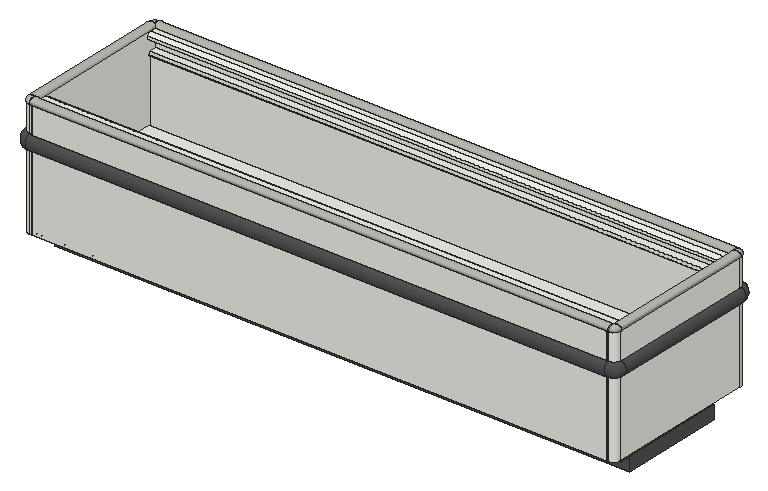
Revit family "FN_2014", category Specialty Equipment, Revit 2014
Parameters (values of type "12'-0" Length")
  Width = 144 1/2"
  Waste Drain = 1 1/4"  # constant formula
  URL = "www.hussmann.com"
  Type Comments = "Excel"  # constant formula
  Trim = Plastic - 144 Mist Gray
  Total Weight = Case Weight + (2 * End Weight)  # 1300.00 lbf
  Splashguard = Textured Sheet Metal (Steel Painted) - 701 Black
  Revit Family Date = "01/26/2016"  # constant formula
  Refrigeration Lines Suction = 5/8"  # constant formula
  Refrigeration Lines Liquid = 3/8"  # constant formula
  Refrig. Suction = "Suction"
  Refrig. Liquid = "Liquid"
  Number of Supports = if(Width < 50", 2, if(Width < 100", 3, 4))  # 4
  Note from Manufacturer = "This model only comes in 4'-0\", 6'-0\", 8'-0\" and 12'-0\" lengths."
  Model URL = "http://www.hussmann.com/en/product%20viewer/display-cases/FN"
  Model = "FN"  # constant formula
  Manufacturer Disclaimer = "The information in this file is not intended to be an exact representation of the corresponding Hussmann product.  Further, we reserve the right to change or revise specifications and product design in connection with any feature of our products. Such changes do not entitle the buyer to corresponding changes, improvements, additions, or replacements for equipment previously sold or shipped."  # constant formula
  Manufacturer = "Hussmann Corporation"  # constant formula
  Height = 35 7/8"  # constant formula
  Ends = Textured Sheet Metal (Steel Painted) - 149 White Satin Matte
  End Weight = 50.00 lbf  # constant formula
  Description = "Narrow Island Merchandiser for Frozen Food/Ice Cream"  # constant formula
  Depth = 43 3/8"  # constant formula
  Cutsheet URL = "http://www.hussmann.com/en/Technical%20Documents/0465898_H_FN_EN.pdf"
  Case Weight = if(Width = 48 1/4", 600.00 lbf, if(Width = 73 3/4", 800.00 lbf, if(Width = 96 3/8", 1000.00 lbf, if(Width = 144 1/2", 1200.00 lbf, 0.00 lbf))))  # 1200.00 lbf
  Case Interior = Sheet Metal (Steel Painted) - 700 Interior White
  Case = Textured Sheet Metal (Steel Painted) - 149 White Satin Matte
  Bumper = Extruded PVC - 701 Black
  Assembly Code = ""
  Accessories/Options = ""
Types (5): name | Width | Total Weight | Number of Supports | Case Weight
  (no name) | 144 1/2" | 1300.00 lbf | 4 | 1200.00 lbf
  12'-0" Length | 144 1/2" | 1300.00 lbf | 4 | 1200.00 lbf
  8'-0" Length | 96 3/8" | 1100.00 lbf | 3 | 1000.00 lbf
  6'-0" Length | 73 3/4" | 900.00 lbf | 3 | 800.00 lbf
  4'-0" Length | 48 1/4" | 700.00 lbf | 2 | 600.00 lbf
Reference planes (in)
  plane 1 "Back": y = 0
  plane 2 "Bottom": z = 0
  plane 3 "Top": z = 35.875
  plane 4 "Left": x = -77.30699
  plane 5 "Front": y = -43.375
  plane 6 "Center (Left/Right)": x = -5.05699
  plane 7: x = -79.30699
  plane 8 "Right": x = 67.19301
  plane 9: x = 69.19301
  plane 10: y = -8.5
  plane 11: y = -34.875
  plane 12: y = -42.0651
  plane 13: y = -1.3099
Forms (in)
  Extrusion 1, solid, material "Metal - Copper"
    sketch origin (63.0625, 1.04319, 0) x (1, 0, 0) y (0, 1, 0)
      loop
        arc (-7.99449, -33.41819) -> (-8.43643, -33.60125) -> (-8.61949, -34.04319) r 0.625
        arc (-8.61949, -34.04319) -> (-8.43643, -34.48513) -> (-7.99449, -34.66819) r 0.625
        arc (-7.99449, -34.66819) -> (-7.55254, -34.48513) -> (-7.36949, -34.04319) r 0.625
        arc (-7.36949, -34.04319) -> (-7.55254, -33.60125) -> (-7.99449, -33.41819) r 0.625
      loop
        circle (-7.99449, -34.04319) r 0.5852
    from 5.625 to 0
  Extrusion 2, solid, material "Metal - Copper"
    sketch origin (57.40105, 5, -0.375) x (1, 0, 0) y (0, 1, 0)
      loop
        circle (1.47946, -32.625) r 0.28859
      loop
        circle (1.47946, -32.625) r 0.3125
    from 6 to 0.375
  Extrusion 3, solid, material "Metal - Copper"
    sketch origin (59.82608, 5, -0.375) x (1, 0, 0) y (0, 1, 0)
      loop
        circle (-0.44557, -32.625) r 0.17188
      loop
        circle (-0.44557, -32.625) r 0.1875
    from 6 to 0.375
  Extrusion 4, solid, material "Metal - Copper"
    sketch origin (-56.6875, 1.04319, 0) x (1, 0, 0) y (0, 1, 0)
      loop
        arc (-8.49449, -33.41819) -> (-8.93643, -33.60125) -> (-9.11949, -34.04319) r 0.625
        arc (-9.11949, -34.04319) -> (-8.93643, -34.48513) -> (-8.49449, -34.66819) r 0.625
        arc (-8.49449, -34.66819) -> (-8.05254, -34.48513) -> (-7.86949, -34.04319) r 0.625
        arc (-7.86949, -34.04319) -> (-8.05254, -33.60125) -> (-8.49449, -33.41819) r 0.625
      loop
        circle (-8.49449, -34.04319) r 0.5852
    from 5.625 to 0
  Extrusion 5, solid, material "Textured Sheet Metal (Steel Painted) - 149 White Satin Matte" <- "Case"
    sketch origin (-5.05699, 0, 0) x (0, 1, 0) y (0, 0, 1)
      loop
        line (-37.99038, 35.11659) -> (-42.0651, 35.11659) -> (-42.0651, 5.625) -> (-41.35255, 5.625) -> (-41.41008, 5.65823)
        arc (-41.41008, 5.65823) -> (-41.52448, 5.80284) -> (-41.50862, 5.98655) r 0.25
        line (-41.50862, 5.98655) -> (-40.35423, 8.29442) -> (-35.29353, 5.625) -> (-8.11242, 5.625) -> (-2.99302, 8.36978) -> (-1.62009, 5.625) -> (-1.3099, 5.625) -> (-1.3099, 35.11659) -> (-5.03754, 35.11659) -> (-5.99504, 34.48691) -> (-5.99504, 33.75648) -> (-3.41125, 33.75648) -> (-3.41125, 30.79949) -> (-5.35837, 30.79949) -> (-5.35837, 29.89608) -> (-5, 29.59898) -> (-5, 13.61303) -> (-31.83687, 13.61303) -> (-31.83687, 10.38481) -> (-35.793, 10.38481) -> (-35.793, 13.61303) -> (-38.375, 13.61303) -> (-38.375, 29.48565) -> (-37.86574, 29.88712) -> (-37.86574, 30.51316) -> (-39.89237, 30.51316) -> (-39.89237, 33.9006) -> (-37.09157, 33.9006) -> (-37.09157, 34.64014) -> (-37.99038, 35.11659)
    from 72.25 to -72.25
  Sweep 6, solid, material "Extruded PVC - 701 Black" <- "Bumper"
    path origin (0, 0, 0) x (1, 0, 0) y (0, 1, 0)
      loop
        arc (-77.68199, -1.3099) -> (-78.83103, -1.78586) -> (-79.30699, -2.9349) r 1.625
        line (-79.30699, -2.9349) -> (-79.30699, -40.4401)
        arc (-79.30699, -40.4401) -> (-78.83103, -41.58914) -> (-77.68199, -42.0651) r 1.625
        line (-77.68199, -42.0651) -> (67.56801, -42.0651)
        arc (67.56801, -42.0651) -> (68.71706, -41.58914) -> (69.19301, -40.4401) r 1.625
        line (69.19301, -40.4401) -> (69.19301, -2.9349)
        arc (69.19301, -2.9349) -> (68.71706, -1.78586) -> (67.56801, -1.3099) r 1.625
        line (67.56801, -1.3099) -> (-77.68199, -1.3099)
    profile origin (-5.05699, -1.3099, 0) x (0, 1, 0) y (0, 0, 1)
      loop
        spline (0, 24.72514) -> (0.32456, 24.7354) -> (0.63438, 24.87745) -> (0.90505, 25.14009) -> (1.11523, 25.50262) -> (1.24834, 25.93647) -> (1.29391, 26.40744) -> (1.24834, 26.87841) -> (1.11523, 27.31225) -> (0.90505, 27.67478) -> (0.63438, 27.93742) -> (0.32456, 28.07947) -> (0, 28.08974)
        line (0, 28.08974) -> (0, 24.72514)
  Extrusion 7, solid, material "Sheet Metal (Steel Painted) - 700 Interior White" <- "Case Interior"
    sketch origin (-5.05699, 0, 0) x (0, 1, 0) y (0, 0, 1)
      loop
        line (-37.83834, 14.20487) -> (-37.83834, 13.61303) -> (-5.56863, 13.61303) -> (-5.56863, 14.20487) -> (-37.83834, 14.20487)
    from 72.25 to -72.25
  Extrusion 8, solid, material "Textured Sheet Metal (Steel Painted) - 701 Black" <- "Splashguard"
    sketch origin (-5.05699, 0, 0) x (0, 1, 0) y (0, 0, 1)
      loop
        line (-41.41008, 5.65823) -> (-37.40341, 3.34382) -> (-37.05828, 3.87855) -> (-36.17821, 3.32657) -> (-35.29353, 3.32657) -> (-35.29353, 5.625) -> (-40.35423, 8.29442) -> (-41.50862, 5.98655)
        arc (-41.50862, 5.98655) -> (-41.52448, 5.80284) -> (-41.41008, 5.65823) r 0.25
    from 72.25 to -72.25
  Sweep 9, solid, material "Textured Sheet Metal (Steel Painted) - 701 Black" <- "Splashguard"
    path origin (0, 0, 0) x (1, 0, 0) y (0, 1, 0)
      loop
        line (-77.30699, -8.5) -> (-77.30699, -34.875) -> (67.19301, -34.875) -> (67.19301, -8.5) -> (-77.30699, -8.5)
    profile origin (-5.05699, -8.5, 0) x (0, 1, 0) y (0, 0, 1)
      loop
        line (-0.53011, 5.625) -> (-0.53011, 0) -> (0, 0) -> (0, 3.27024) -> (-0.24467, 3.54198) -> (-0.24467, 5.625) -> (-0.53011, 5.625)
  Extrusion 10, solid, material "Textured Sheet Metal (Steel Painted) - 149 White Satin Matte" <- "Ends"
    sketch origin (0, 0, 0) x (1, 0, 0) y (0, 1, 0)
      loop
        line (67.19301, -1.3099) -> (67.19301, -42.0651) -> (67.56801, -42.0651)
        arc (67.56801, -42.0651) -> (68.71706, -41.58914) -> (69.19301, -40.4401) r 1.625
        line (69.19301, -40.4401) -> (69.19301, -2.9349)
        arc (69.19301, -2.9349) -> (68.71706, -1.78586) -> (67.56801, -1.3099) r 1.625
        line (67.56801, -1.3099) -> (67.19301, -1.3099)
      loop
        line (-77.30699, -1.3099) -> (-77.68199, -1.3099)
        arc (-77.68199, -1.3099) -> (-78.83103, -1.78586) -> (-79.30699, -2.9349) r 1.625
        line (-79.30699, -2.9349) -> (-79.30699, -40.4401)
        arc (-79.30699, -40.4401) -> (-78.83103, -41.58914) -> (-77.68199, -42.0651) r 1.625
        line (-77.68199, -42.0651) -> (-77.30699, -42.0651) -> (-77.30699, -1.3099)
    from 35.11659 to 5.625
  Sweep 11, solid, material "Plastic - 144 Mist Gray" <- "Trim"
    path origin (0, 0, 0) x (1, 0, 0) y (0, 1, 0)
      loop
        line (67.56801, -1.3099) -> (-77.68199, -1.3099)
    profile origin (-5.05699, -1.3099, 0) x (0, -1, 0) y (0, 0, 1)
      loop
        line (0, 34.73417) -> (0, 35.11659) -> (2.12, 35.11659)
        spline (2.12, 35.11659) -> (2.07443, 35.34414) -> (1.92142, 35.55173) -> (1.67581, 35.71922) -> (1.36139, 35.8304) -> (1.00864, 35.87449) -> (0.65174, 35.84722) -> (0.32528, 35.75122) -> (0.06088, 35.59581) -> (-0.11582, 35.39604) -> (-0.18771, 35.17127) -> (-0.14781, 34.94328) -> (0, 34.73417)
  Sweep 12, solid, material "Plastic - 144 Mist Gray" <- "Trim"
    path origin (0, -43.375, 0) x (1, 0, 0) y (0, -1, 0)
      loop
        line (67.56801, -1.3099) -> (-77.68199, -1.3099)
    profile origin (-5.05699, -42.0651, 0) x (0, -1, 0) y (0, 0, 1)
      loop
        spline (0, 34.73417) -> (0.14781, 34.94328) -> (0.18771, 35.17127) -> (0.11582, 35.39604) -> (-0.06088, 35.59581) -> (-0.32528, 35.75122) -> (-0.65174, 35.84722) -> (-1.00864, 35.87449) -> (-1.36139, 35.8304) -> (-1.67581, 35.71922) -> (-1.92142, 35.55173) -> (-2.07443, 35.34414) -> (-2.12, 35.11659)
        line (-2.12, 35.11659) -> (0, 35.11659) -> (0, 34.73417)
  Sweep 13, solid, material "Plastic - 144 Mist Gray" <- "Trim"
    path origin (78.3795, -39.64331, 0) x (0, 1, 0) y (1, 0, 0)
      loop
        line (36.70841, -9.18649) -> (-0.79678, -9.18649)
    profile origin (69.19301, -21.6875, 0) x (1, 0, 0) y (0, 0, 1)
      loop
        spline (0, 34.73417) -> (0.14781, 34.94328) -> (0.18771, 35.17127) -> (0.11582, 35.39604) -> (-0.06088, 35.59581) -> (-0.32528, 35.75122) -> (-0.65174, 35.84722) -> (-1.00864, 35.87449) -> (-1.36139, 35.8304) -> (-1.67581, 35.71922) -> (-1.92142, 35.55173) -> (-2.07443, 35.34414) -> (-2.12, 35.11659)
        line (-2.12, 35.11659) -> (0, 35.11659) -> (0, 34.73417)
  Sweep 14, solid, material "Plastic - 144 Mist Gray" <- "Trim"
    path origin (-88.49347, -39.64331, 0) x (0, 1, 0) y (-1, 0, 0)
      loop
        line (36.70841, -9.18649) -> (-0.79678, -9.18649)
    profile origin (-79.30699, -21.6875, 0) x (1, 0, 0) y (0, 0, 1)
      loop
        line (0, 34.73417) -> (0, 35.11659) -> (2.12, 35.11659)
        spline (2.12, 35.11659) -> (2.07443, 35.34414) -> (1.92142, 35.55173) -> (1.67581, 35.71922) -> (1.36139, 35.8304) -> (1.00864, 35.87449) -> (0.65174, 35.84722) -> (0.32528, 35.75122) -> (0.06088, 35.59581) -> (-0.11582, 35.39604) -> (-0.18771, 35.17127) -> (-0.14781, 34.94328) -> (0, 34.73417)
  Revolve 15, solid, material "Plastic - 144 Mist Gray" <- "Trim"
    sketch origin (67.56801, -42.0651, 0) x (0, 1, 0) y (0, 0, 1)
      loop
        line (1.625, 35.11659) -> (1.625, 35.74311)
        spline (1.625, 35.74311) -> (1.39165, 35.82305) -> (1.1359, 35.86696) -> (0.87119, 35.87252) -> (0.61147, 35.83944) -> (0.37039, 35.76947) -> (0.16063, 35.66628) -> (-0.00677, 35.53529) -> (-0.12301, 35.38342) -> (-0.18196, 35.21863) -> (-0.18053, 35.04961) -> (-0.11879, 34.88524) -> (0, 34.73417)
        line (0, 34.73417) -> (0, 35.11659) -> (1.625, 35.11659)
      axis (1.625, 35.74311) -> (1.625, 34.73417)
    angle from 0 to 360
  Extrusion 16, void
    sketch origin (0, 8.5, 0) x (1, 0, 0) y (0, 1, 0)
      loop
        line (67.56801, -50.9401) -> (67.56801, -48.9401) -> (69.56801, -48.9401) -> (69.56801, -46.9401) -> (65.56801, -46.9401) -> (65.56801, -50.9401) -> (67.56801, -50.9401)
    from 34.73417 to 35.875
  Revolve 17, solid, material "Plastic - 144 Mist Gray" <- "Trim", not visible
    sketch origin (67.56801, -50.5651, 0) x (0, 1, 0) y (0, 0, 1)
      loop
        line (1.625, 35.11659) -> (1.625, 35.74311)
        spline (1.625, 35.74311) -> (1.39165, 35.82305) -> (1.1359, 35.86696) -> (0.87119, 35.87252) -> (0.61147, 35.83944) -> (0.37039, 35.76947) -> (0.16063, 35.66628) -> (-0.00677, 35.53529) -> (-0.12301, 35.38342) -> (-0.18196, 35.21863) -> (-0.18053, 35.04961) -> (-0.11879, 34.88524) -> (0, 34.73417)
        line (0, 34.73417) -> (0, 35.11659) -> (1.625, 35.11659)
      axis (1.625, 35.74311) -> (1.625, 34.73417)
    angle from 0 to 360
  Extrusion 18, void, not visible
    sketch origin (0, 0, 0) x (1, 0, 0) y (0, 1, 0)
      loop
        line (67.56801, -50.9401) -> (67.56801, -48.9401) -> (69.56801, -48.9401) -> (69.56801, -46.9401) -> (65.56801, -46.9401) -> (65.56801, -50.9401) -> (67.56801, -50.9401)
    from 34.73417 to 35.875
  Revolve 19, solid, material "Plastic - 144 Mist Gray" <- "Trim"
    sketch origin (67.56801, -1.3099, 0) x (0, 1, 0) y (0, 0, 1)
      loop
        spline (0, 34.73417) -> (0.11879, 34.88524) -> (0.18053, 35.04961) -> (0.18196, 35.21863) -> (0.12301, 35.38342) -> (0.00677, 35.53529) -> (-0.16063, 35.66628) -> (-0.37039, 35.76947) -> (-0.61147, 35.83944) -> (-0.87119, 35.87252) -> (-1.1359, 35.86696) -> (-1.39165, 35.82305) -> (-1.625, 35.74311)
        line (-1.625, 35.74311) -> (-1.625, 35.11659) -> (0, 35.11659) -> (0, 34.73417)
      axis (-1.625, 34.73417) -> (-1.625, 35.74311)
    angle from 0 to 360
  Extrusion 20, void
    sketch origin (0, -9, 0) x (1, 0, 0) y (0, 1, 0)
      loop
        line (67.56801, 8.0651) -> (65.56801, 8.0651) -> (65.56801, 4.0651) -> (69.56801, 4.0651) -> (69.56801, 6.0651) -> (67.56801, 6.0651) -> (67.56801, 8.0651)
    from 34.73417 to 35.875
  Revolve 21, solid, material "Plastic - 144 Mist Gray" <- "Trim", not visible
    sketch origin (67.56801, 7.6901, 0) x (0, 1, 0) y (0, 0, 1)
      loop
        spline (0, 34.73417) -> (0.11879, 34.88524) -> (0.18053, 35.04961) -> (0.18196, 35.21863) -> (0.12301, 35.38342) -> (0.00677, 35.53529) -> (-0.16063, 35.66628) -> (-0.37039, 35.76947) -> (-0.61147, 35.83944) -> (-0.87119, 35.87252) -> (-1.1359, 35.86696) -> (-1.39165, 35.82305) -> (-1.625, 35.74311)
        line (-1.625, 35.74311) -> (-1.625, 35.11659) -> (0, 35.11659) -> (0, 34.73417)
      axis (-1.625, 34.73417) -> (-1.625, 35.74311)
    angle from 0 to 360
  Extrusion 22, void, not visible
    sketch origin (0, 0, 0) x (1, 0, 0) y (0, 1, 0)
      loop
        line (67.56801, 8.0651) -> (65.56801, 8.0651) -> (65.56801, 4.0651) -> (69.56801, 4.0651) -> (69.56801, 6.0651) -> (67.56801, 6.0651) -> (67.56801, 8.0651)
    from 34.73417 to 35.875
  Revolve 23, solid, material "Plastic - 144 Mist Gray" <- "Trim"
    sketch origin (-77.68199, -1.3099, 0) x (0, 0, 1) y (0, 1, 0)
      loop
        line (34.73417, 0) -> (35.11659, 0) -> (35.11659, -1.625) -> (35.74311, -1.625)
        spline (35.74311, -1.625) -> (35.82305, -1.39165) -> (35.86696, -1.1359) -> (35.87252, -0.87119) -> (35.83944, -0.61147) -> (35.76947, -0.37039) -> (35.66628, -0.16063) -> (35.53529, 0.00677) -> (35.38342, 0.12301) -> (35.21863, 0.18196) -> (35.04961, 0.18053) -> (34.88524, 0.11879) -> (34.73417, 0)
      axis (34.73417, -1.625) -> (35.74311, -1.625)
    angle from 0 to 360
  Revolve 24, solid, material "Plastic - 144 Mist Gray" <- "Trim"
    sketch origin (-77.68199, -42.0651, 0) x (0, 0, 1) y (0, 1, 0)
      loop
        spline (34.73417, 0) -> (34.88524, -0.11879) -> (35.04961, -0.18053) -> (35.21863, -0.18196) -> (35.38342, -0.12301) -> (35.53529, -0.00677) -> (35.66628, 0.16063) -> (35.76947, 0.37039) -> (35.83944, 0.61147) -> (35.87252, 0.87119) -> (35.86696, 1.1359) -> (35.82305, 1.39165) -> (35.74311, 1.625)
        line (35.74311, 1.625) -> (35.11659, 1.625) -> (35.11659, 0) -> (34.73417, 0)
      axis (34.73417, 1.625) -> (35.74311, 1.625)
    angle from 0 to 360
  Extrusion 25, void
    sketch origin (0, -7.25, 0) x (1, 0, 0) y (0, 1, 0)
      loop
        line (-77.68199, 6.3151) -> (-77.68199, 4.3151) -> (-79.68199, 4.3151) -> (-79.68199, 2.3151) -> (-75.68199, 2.3151) -> (-75.68199, 6.3151) -> (-77.68199, 6.3151)
    from 34.73417 to 35.875
  Revolve 26, solid, material "Plastic - 144 Mist Gray" <- "Trim", not visible
    sketch origin (-77.68199, 5.9401, 0) x (0, 0, 1) y (0, 1, 0)
      loop
        line (34.73417, 0) -> (35.11659, 0) -> (35.11659, -1.625) -> (35.74311, -1.625)
        spline (35.74311, -1.625) -> (35.82305, -1.39165) -> (35.86696, -1.1359) -> (35.87252, -0.87119) -> (35.83944, -0.61147) -> (35.76947, -0.37039) -> (35.66628, -0.16063) -> (35.53529, 0.00677) -> (35.38342, 0.12301) -> (35.21863, 0.18196) -> (35.04961, 0.18053) -> (34.88524, 0.11879) -> (34.73417, 0)
      axis (34.73417, -1.625) -> (35.74311, -1.625)
    angle from 0 to 360
  Extrusion 27, void, not visible
    sketch origin (0, 0, 0) x (1, 0, 0) y (0, 1, 0)
      loop
        line (-77.68199, 6.3151) -> (-77.68199, 4.3151) -> (-79.68199, 4.3151) -> (-79.68199, 2.3151) -> (-75.68199, 2.3151) -> (-75.68199, 6.3151) -> (-77.68199, 6.3151)
    from 34.73417 to 35.875
  Extrusion 28, void
    sketch origin (0, 12, 0) x (1, 0, 0) y (0, 1, 0)
      loop
        line (-77.68199, -54.4401) -> (-75.68199, -54.4401) -> (-75.68199, -50.4401) -> (-79.68199, -50.4401) -> (-79.68199, -52.4401) -> (-77.68199, -52.4401) -> (-77.68199, -54.4401)
    from 34.73417 to 35.875
  Revolve 29, solid, material "Plastic - 144 Mist Gray" <- "Trim", not visible
    sketch origin (-77.68199, -54.0651, 0) x (0, 0, 1) y (0, 1, 0)
      loop
        spline (34.73417, 0) -> (34.88524, -0.11879) -> (35.04961, -0.18053) -> (35.21863, -0.18196) -> (35.38342, -0.12301) -> (35.53529, -0.00677) -> (35.66628, 0.16063) -> (35.76947, 0.37039) -> (35.83944, 0.61147) -> (35.87252, 0.87119) -> (35.86696, 1.1359) -> (35.82305, 1.39165) -> (35.74311, 1.625)
        line (35.74311, 1.625) -> (35.11659, 1.625) -> (35.11659, 0) -> (34.73417, 0)
      axis (34.73417, 1.625) -> (35.74311, 1.625)
    angle from 0 to 360
  Extrusion 30, void, not visible
    sketch origin (0, 0, 0) x (1, 0, 0) y (0, 1, 0)
      loop
        line (-77.68199, -54.4401) -> (-75.68199, -54.4401) -> (-75.68199, -50.4401) -> (-79.68199, -50.4401) -> (-79.68199, -52.4401) -> (-77.68199, -52.4401) -> (-77.68199, -54.4401)
    from 34.73417 to 35.875
Cuts and joins
  joined: Sweep 11, Sweep 12, Sweep 13, Sweep 14
  Extrusion 16 cuts Revolve 15
  Extrusion 20 cuts Revolve 19
  Extrusion 25 cuts Revolve 23
  Extrusion 28 cuts Revolve 24
Lines and regions (in)
  reference lines
    curve 1: line (-74.55699, -43.375, 0) -> (-74.55699, 0, 0)
    curve 2: line (-65.18199, -43.375, 0) -> (-65.18199, 0, 0)
    curve 3: line (55.06801, -43.375, 0) -> (55.06801, 0, 0)
    curve 4: line (64.44301, -43.375, 0) -> (64.44301, 0, 0)
    curve 5: line (59.19301, -43.375, 0) -> (59.19301, 0, 0)
    curve 6: line (-77.30699, -33, 0) -> (67.19301, -33, 0)
    curve 7: line (67.19301, -27.625, 0) -> (-77.30699, -27.625, 0)
Dimensions and locks (in)
  equal spacing: plane 4 "Left", plane 6 "Center (Left/Right)", plane 8 "Right"
  locked: plane 7 to plane 4 "Left" at 2
  "Width": plane 4 "Left" to plane 8 "Right"
  locked: plane 4 "Left" to curve 1 at 2.75
  locked: plane 4 "Left" to curve 2 at 12.125
  locked: curve 4 to plane 8 "Right" at 2.75
  locked: curve 3 to plane 8 "Right" at 12.125
  "Depth": plane 5 "Front" to plane 1 "Back"
  locked: curve 5 to plane 8 "Right" at 8
  "Height": plane 3 "Top" to level
  locked: plane 1 "Back" to curve 6 at 33
  locked: plane 1 "Back" to curve 7 at 27.625
  locked: plane 8 "Right" to plane 9 at 2
  locked: Extrusion 4 sketch curve to Extrusion 4 sketch curve at 0.0398
  locked: Extrusion 1 sketch curve to Extrusion 1 sketch curve at 0.0398
  locked: Extrusion 3 sketch curve to Extrusion 3 sketch curve at 0.01562
  locked: Extrusion 2 sketch curve to Extrusion 2 sketch curve at 0.02391
  locked: plane 11 to plane 5 "Front" at 8.5
  locked: plane 10 to plane 1 "Back" at 8.5
  locked: plane 8 "Right" to Sweep 11 sketch curve at 0.375
  locked: Sweep 11 sketch curve to plane 4 "Left" at 0.375
  locked: Sweep 12 sketch curve to plane 4 "Left" at 0.375
  locked: plane 8 "Right" to Sweep 12 sketch curve at 0.375
  locked: Sweep 14 sketch curve to plane 13 at 1.625
  locked: Sweep 14 sketch curve to plane 12 at 1.625
  locked: Sweep 13 sketch curve to plane 13 at 1.625
  locked: Sweep 13 sketch curve to plane 12 at 1.625
  locked: Extrusion 16 sketch curve to Extrusion 16 sketch curve at 2  (x2)
  locked: Extrusion 18 sketch curve to Extrusion 18 sketch curve at 2  (x2)
  locked: Extrusion 20 sketch curve to Extrusion 20 sketch curve at 2
  Extrusion 20 sketch curve to Extrusion 20 sketch curve = 2"
  locked: Extrusion 22 sketch curve to Extrusion 22 sketch curve at 2
  Extrusion 22 sketch curve to Extrusion 22 sketch curve = 2"
  locked: Extrusion 25 sketch curve to Extrusion 25 sketch curve at 2
  Extrusion 25 sketch curve to Extrusion 25 sketch curve = 2"
  locked: Extrusion 27 sketch curve to Extrusion 27 sketch curve at 2
  Extrusion 27 sketch curve to Extrusion 27 sketch curve = 2"
  locked: Extrusion 28 sketch curve to Extrusion 28 sketch curve at 2  (x2)
  locked: Extrusion 30 sketch curve to Extrusion 30 sketch curve at 2  (x2)
  equal spacing: plane 5 "Front", nested 1, plane 1 "Back"
  equal spacing: group 9, group 11, group 12, group 10  (x3)
  "Waste Drain": diameter of Extrusion 4 sketch curve
  "Waste Drain": diameter of Extrusion 1 sketch curve
  "Refrigeration Lines Liquid": diameter of Extrusion 3 sketch curve
  "Refrigeration Lines Suction": diameter of Extrusion 2 sketch curve
  aligned and locked: plane 5 "Front" to curve 3
  aligned and locked: plane 5 "Front" to curve 4
  aligned and locked: plane 5 "Front" to curve 2
  aligned and locked: plane 5 "Front" to curve 1
  aligned and locked: plane 4 "Left" to curve 6
  aligned and locked: plane 4 "Left" to curve 7
  aligned and locked: plane 8 "Right" to curve 7
  aligned and locked: plane 8 "Right" to curve 6
  aligned and locked: Extrusion 2 to level
  aligned and locked: Extrusion 3 to level
  aligned and locked: curve 7 to Extrusion 3 sketch curve  (x4)
  aligned and locked: curve 7 to Extrusion 2 sketch curve  (x4)
  aligned and locked: curve 6 to Extrusion 1 sketch curve  (x3)
  aligned and locked: curve 6 to Extrusion 4 sketch curve
  aligned and locked: curve 2 to Extrusion 4 sketch curve
  aligned and locked: curve 3 to Extrusion 1 sketch curve
  aligned and locked: curve 5 to Extrusion 3 sketch curve
  aligned and locked: curve 5 to Extrusion 2 sketch curve
  aligned and locked: Extrusion 4 to level
  aligned and locked: Extrusion 2 to Extrusion 1
  aligned and locked: Extrusion 4 to Extrusion 1
  aligned and locked: Extrusion 5 to plane 4 "Left"
  aligned and locked: plane 8 "Right" to Extrusion 5
  aligned and locked: plane 13 to Sweep 6 sketch curve
  aligned and locked: Sweep 6 sketch curve to plane 7
  aligned and locked: plane 12 to Sweep 6 sketch curve
  aligned and locked: Sweep 6 sketch curve to plane 9
  aligned and locked: Extrusion 7 to plane 4 "Left"
  aligned and locked: plane 8 "Right" to Extrusion 7
  aligned and locked: Extrusion 8 to plane 4 "Left"
  aligned and locked: plane 8 "Right" to Extrusion 8
  aligned and locked: Extrusion 3 to Extrusion 1
  aligned and locked: plane 10 to Sweep 9 sketch curve
  aligned and locked: plane 4 "Left" to Sweep 9 sketch curve
  aligned and locked: plane 11 to Sweep 9 sketch curve
  aligned and locked: Sweep 9 sketch curve to plane 8 "Right"
  aligned and locked: Extrusion 10 sketch curve to plane 4 "Left"
  aligned and locked: Extrusion 10 sketch curve to plane 8 "Right"
  aligned and locked: Extrusion 10 to Extrusion 5  (x3)
  aligned and locked: Sweep 11 sketch curve to plane 13
  aligned and locked: plane 13 to Sweep 11 sketch curve
  aligned and locked: Sweep 11 sketch curve to Extrusion 10
  aligned and locked: plane 12 to Sweep 12 sketch curve
  aligned and locked: Extrusion 10 sketch curve to Sweep 6  (x3)
  aligned and locked: plane 12 to Extrusion 10 sketch curve
  aligned and locked: Sweep 13 sketch curve to plane 9
  aligned and locked: plane 7 to Sweep 14 sketch curve
  aligned and locked: Extrusion 1 to Extrusion 5
  aligned and locked: cut or joined group of Revolve 15, Extrusion 16 to cut or joined group of Sweep 11, Sweep 12, Sweep 13, Sweep 14
  aligned and locked: Extrusion 16 to cut or joined group of Sweep 11, Sweep 12, Sweep 13, Sweep 14  (x2)
  aligned and locked: Extrusion 20 to cut or joined group of Sweep 11, Sweep 12, Sweep 13, Sweep 14  (x3)
  aligned and locked: Extrusion 20 to plane 3 "Top"
  aligned and locked: cut or joined group of Revolve 19, Extrusion 20 to cut or joined group of Sweep 11, Sweep 12, Sweep 13, Sweep 14
  aligned and locked: cut or joined group of Sweep 11, Sweep 12, Sweep 13, Sweep 14 to Extrusion 25
  aligned and locked: Extrusion 25 to plane 3 "Top"
  aligned and locked: cut or joined group of Revolve 23, Extrusion 25 to cut or joined group of Sweep 11, Sweep 12, Sweep 13, Sweep 14
  aligned and locked: Extrusion 25 to cut or joined group of Sweep 11, Sweep 12, Sweep 13, Sweep 14  (x2)
  aligned and locked: Extrusion 28 to cut or joined group of Sweep 11, Sweep 12, Sweep 13, Sweep 14  (x3)
  aligned and locked: Extrusion 28 to plane 3 "Top"
  aligned and locked: cut or joined group of Sweep 11, Sweep 12, Sweep 13, Sweep 14 to cut or joined group of Revolve 24, Extrusion 28
  aligned and locked: curve 1 to nested 1
  aligned and locked: curve 4 to nested 2
  aligned and locked: nested 1 to nested 2
Automatic sketch dimensions
  Revolve 15 sketch curve to Revolve 15 sketch curve = 1 5/8"
  Revolve 15 sketch curve to Revolve 15 sketch curve = 0.38242"  (x2)
  Revolve 15 sketch curve to Revolve 15 sketch curve = 0"
  Revolve 15 sketch curve to Revolve 15 sketch curve = 0.13189"
  Extrusion 16 sketch curve to Extrusion 16 sketch curve = 2"  (x2)
  Revolve 15 sketch curve to Revolve 15 sketch curve = 0.62652"
  Revolve 15 sketch curve to Revolve 15 sketch curve = 0.18888"
  Revolve 15 sketch curve to Revolve 15 sketch curve = 0.65919"
  Revolve 17 sketch curve to Revolve 17 sketch curve = 1 5/8"
  Revolve 17 sketch curve to Revolve 17 sketch curve = 0.38242"  (x2)
  Revolve 17 sketch curve to Revolve 17 sketch curve = 0"
  Revolve 17 sketch curve to Revolve 17 sketch curve = 0.13189"
  Extrusion 18 sketch curve to Extrusion 18 sketch curve = 2"  (x2)
  Revolve 17 sketch curve to Revolve 17 sketch curve = 0.62652"
  Revolve 17 sketch curve to Revolve 17 sketch curve = 0.18888"
  Revolve 17 sketch curve to Revolve 17 sketch curve = 0.65919"
  Revolve 19 sketch curve to Revolve 19 sketch curve = 1 5/8"
  Revolve 19 sketch curve to Revolve 19 sketch curve = 0.38242"  (x2)
  Revolve 19 sketch curve to Revolve 19 sketch curve = 0.65919"
  Revolve 19 sketch curve to Revolve 19 sketch curve = 0"
  Revolve 19 sketch curve to Revolve 19 sketch curve = 0.13189"
  Extrusion 20 sketch curve to Extrusion 20 sketch curve = 2"  (x2)
  Revolve 19 sketch curve to Revolve 19 sketch curve = 0.62652"
  Revolve 19 sketch curve to Revolve 19 sketch curve = 0.18888"
  Revolve 21 sketch curve to Revolve 21 sketch curve = 1 5/8"
  Revolve 21 sketch curve to Revolve 21 sketch curve = 0.38242"  (x2)
  Revolve 21 sketch curve to Revolve 21 sketch curve = 0.65919"
  Revolve 21 sketch curve to Revolve 21 sketch curve = 0"
  Revolve 21 sketch curve to Revolve 21 sketch curve = 0.13189"
  Extrusion 22 sketch curve to Extrusion 22 sketch curve = 2"  (x2)
  Revolve 21 sketch curve to Revolve 21 sketch curve = 0.62652"
  Revolve 21 sketch curve to Revolve 21 sketch curve = 0.18888"
  curve 5 to plane 5 "Front" = 0"
  plane 1 "Back" to curve 3 = 0"
  plane 1 "Back" to curve 2 = 0"
  plane 1 "Back" to curve 1 = 0"
  plane 1 "Back" to curve 4 = 0"
  plane 1 "Back" to curve 5 = 0"
  Extrusion 5 sketch curve to plane 12 = 0"
  Extrusion 5 sketch curve to plane 13 = 0"
  plane 12 to Extrusion 5 sketch curve = 0.55647"
  Extrusion 5 sketch curve to Extrusion 5 sketch curve = 0.09854"
  Extrusion 5 sketch curve to Extrusion 5 sketch curve = 0.05753"
  Extrusion 5 sketch curve to Extrusion 5 sketch curve = 0.12505"
  plane 12 to Extrusion 5 sketch curve = 1.71086"
  plane 12 to Extrusion 5 sketch curve = 2.17272"
  Extrusion 5 sketch curve to Extrusion 5 sketch curve = 1.51737"
  plane 3 "Top" to Extrusion 5 sketch curve = 0.75841"  (x2)
  Extrusion 5 sketch curve to Extrusion 5 sketch curve = 1.90199"
  Extrusion 5 sketch curve to Extrusion 5 sketch curve = 0.50926"
  Extrusion 5 sketch curve to Extrusion 5 sketch curve = 0.89881"
  Extrusion 5 sketch curve to plane 11 = 0.918"
  Extrusion 5 sketch curve to plane 11 = 0.41853"
  plane 11 to Extrusion 5 sketch curve = 3.03813"
  Extrusion 5 sketch curve to plane 10 = 0.38758"
  Extrusion 5 sketch curve to plane 10 = 2.50496"
  Extrusion 5 sketch curve to plane 10 = 3.14163"
  Extrusion 5 sketch curve to Extrusion 5 sketch curve = 0.95749"
  Extrusion 5 sketch curve to plane 10 = 3 1/2"
  Extrusion 5 sketch curve to Extrusion 5 sketch curve = 1.94712"
  plane 13 to Extrusion 5 sketch curve = 1.68312"
  plane 13 to Extrusion 5 sketch curve = 0.31019"
  Extrusion 5 sketch curve to Extrusion 5 sketch curve = 0.47645"
  Extrusion 5 sketch curve to Extrusion 5 sketch curve = 0.62968"
  Extrusion 5 sketch curve to Extrusion 5 sketch curve = 0.73954"
  Extrusion 5 sketch curve to Extrusion 5 sketch curve = 0.73043"
  Extrusion 5 sketch curve to Extrusion 5 sketch curve = 2.95699"
  Extrusion 5 sketch curve to Extrusion 5 sketch curve = 3.38744"
  Extrusion 5 sketch curve to Extrusion 5 sketch curve = 0.90341"
  Extrusion 5 sketch curve to Extrusion 5 sketch curve = 0.62604"
  Extrusion 5 sketch curve to Extrusion 5 sketch curve = 0.2971"
  Extrusion 5 sketch curve to Extrusion 5 sketch curve = 0.40146"
  level to Extrusion 5 sketch curve = 13.61303"
  Extrusion 5 sketch curve to Extrusion 5 sketch curve = 0"
  Extrusion 5 sketch curve to Extrusion 5 sketch curve = 3.22822"
  Extrusion 5 sketch curve to Extrusion 5 sketch curve = 5.24325"
  Extrusion 5 sketch curve to Extrusion 5 sketch curve = 2.09039"
  Extrusion 5 sketch curve to Extrusion 5 sketch curve = 2.30787"
  Extrusion 5 sketch curve to Extrusion 5 sketch curve = 0.11184"
  Extrusion 5 sketch curve to Extrusion 5 sketch curve = 0.03323"
  Extrusion 5 sketch curve to Extrusion 5 sketch curve = 2.74478"
  level to Extrusion 5 sketch curve = 5 5/8"
  Sweep 6 sketch curve to plane 4 "Left" = 3/8"  (x2)
  plane 8 "Right" to Sweep 6 sketch curve = 3/8"  (x2)
  Sweep 6 sketch curve to profile plane = 0"
  level to Sweep 6 sketch curve = 24.72514"
  Sweep 6 sketch curve to Sweep 6 sketch curve = 3.3646"
  Sweep 6 sketch curve to profile plane = 0.13758"
  Sweep 6 sketch curve to Sweep 6 sketch curve = 0.01203"
  Extrusion 7 sketch curve to plane 11 = 2.96334"
  Extrusion 7 sketch curve to plane 10 = 2.93137"
  level to Extrusion 7 sketch curve = 13.61303"
  Extrusion 7 sketch curve to Extrusion 7 sketch curve = 0.59184"
  plane 12 to Extrusion 8 sketch curve = 0.55647"
  Extrusion 8 sketch curve to Extrusion 8 sketch curve = 0.09854"
  Extrusion 8 sketch curve to Extrusion 8 sketch curve = 0.12505"
  plane 12 to Extrusion 8 sketch curve = 1.71086"
  Extrusion 8 sketch curve to plane 11 = 2.52841"
  Extrusion 8 sketch curve to Extrusion 8 sketch curve = 0.34513"
  Extrusion 8 sketch curve to Extrusion 8 sketch curve = 0.88007"
  Extrusion 8 sketch curve to plane 11 = 0.41853"
  level to Extrusion 8 sketch curve = 3.32657"
  Extrusion 8 sketch curve to Extrusion 8 sketch curve = 0.01725"
  Extrusion 8 sketch curve to Extrusion 8 sketch curve = 0.53473"
  Extrusion 8 sketch curve to Extrusion 8 sketch curve = 2.29843"
  Extrusion 8 sketch curve to Extrusion 8 sketch curve = 2.31442"
  Extrusion 8 sketch curve to Extrusion 8 sketch curve = 0.21648"
  Extrusion 8 sketch curve to Extrusion 8 sketch curve = 2.30787"
  Sweep 9 sketch curve to level = 0"
  Sweep 9 sketch curve to profile plane = 0"
  profile plane to Sweep 9 sketch curve = 0.24467"
  Sweep 9 sketch curve to Sweep 9 sketch curve = 0.28545"
  Sweep 9 sketch curve to Sweep 9 sketch curve = 3.27024"
  Sweep 9 sketch curve to Sweep 9 sketch curve = 0.27175"
  Sweep 9 sketch curve to Sweep 9 sketch curve = 2.08302"
  Extrusion 10 sketch curve to plane 4 "Left" = 3/8"
  Sweep 11 sketch curve to profile plane = 2.12"
  Sweep 11 sketch curve to Sweep 11 sketch curve = 0.38242"
  profile plane to Sweep 11 sketch curve = 0.18888"
  Sweep 11 sketch curve to profile plane = 0.96581"
  Sweep 12 sketch curve to profile plane = 0"
  profile plane to Sweep 12 sketch curve = 2.12"
  level to Sweep 12 sketch curve = 34.73417"
  Sweep 12 sketch curve to Sweep 12 sketch curve = 0.38242"
  profile plane to Sweep 12 sketch curve = 0.96581"
  Sweep 12 sketch curve to profile plane = 0.18888"
  profile plane to Sweep 13 sketch curve = 0"
  profile plane to Sweep 13 sketch curve = 2.12"
  level to Sweep 13 sketch curve = 34.73417"
  Sweep 13 sketch curve to Sweep 13 sketch curve = 0.38242"
  profile plane to Sweep 13 sketch curve = 0.96581"
  Sweep 13 sketch curve to profile plane = 0.18888"
  profile plane to Sweep 14 sketch curve = 0"
  Sweep 14 sketch curve to Sweep 14 sketch curve = 2.12"
  level to Sweep 14 sketch curve = 34.73417"
  Sweep 14 sketch curve to Sweep 14 sketch curve = 0.38242"
  profile plane to Sweep 14 sketch curve = 0.18888"
  Sweep 14 sketch curve to profile plane = 0.96581"
  Revolve 23 sketch curve to Revolve 23 sketch curve = 0.38242"  (x2)
  Revolve 23 sketch curve to Revolve 23 sketch curve = 0.13189"
  Revolve 23 sketch curve to Revolve 23 sketch curve = 0.65919"
  Revolve 23 sketch curve to Revolve 23 sketch curve = 0"
  Revolve 24 sketch curve to Revolve 24 sketch curve = 0.38242"  (x2)
  Revolve 24 sketch curve to Revolve 24 sketch curve = 1 5/8"
  Revolve 24 sketch curve to Revolve 24 sketch curve = 0.13189"
  Revolve 24 sketch curve to Revolve 24 sketch curve = 0.18888"
  Revolve 24 sketch curve to Revolve 24 sketch curve = 0"
  Extrusion 25 sketch curve to Extrusion 25 sketch curve = 2"  (x2)
  Revolve 23 sketch curve to Revolve 23 sketch curve = 0.62652"
  Revolve 23 sketch curve to Revolve 23 sketch curve = 0.96581"
  Revolve 23 sketch curve to Revolve 23 sketch curve = 0.02148"
  Revolve 26 sketch curve to Revolve 26 sketch curve = 0.38242"  (x2)
  Revolve 26 sketch curve to Revolve 26 sketch curve = 0.13189"
  Revolve 26 sketch curve to Revolve 26 sketch curve = 0.65919"
  Revolve 26 sketch curve to Revolve 26 sketch curve = 0"
  Extrusion 27 sketch curve to Extrusion 27 sketch curve = 2"  (x2)
  Revolve 26 sketch curve to Revolve 26 sketch curve = 0.62652"
  Revolve 26 sketch curve to Revolve 26 sketch curve = 0.96581"
  Revolve 26 sketch curve to Revolve 26 sketch curve = 0.02148"
  Extrusion 28 sketch curve to Extrusion 28 sketch curve = 2"  (x2)
  Revolve 24 sketch curve to Revolve 24 sketch curve = 0.62652"
  Revolve 24 sketch curve to Revolve 24 sketch curve = 0.02148"
  Revolve 29 sketch curve to Revolve 29 sketch curve = 0.38242"  (x2)
  Revolve 29 sketch curve to Revolve 29 sketch curve = 1 5/8"
  Revolve 29 sketch curve to Revolve 29 sketch curve = 0.13189"
  Revolve 29 sketch curve to Revolve 29 sketch curve = 0.18888"
  Revolve 29 sketch curve to Revolve 29 sketch curve = 0"
  Extrusion 30 sketch curve to Extrusion 30 sketch curve = 2"  (x2)
  Revolve 29 sketch curve to Revolve 29 sketch curve = 0.62652"
  Revolve 29 sketch curve to Revolve 29 sketch curve = 0.02148"
  Extrusion 1 sketch curve to Extrusion 1 sketch curve = 0"  (x2)
  Extrusion 2 sketch curve to Extrusion 2 sketch curve = 0"
  Extrusion 3 sketch curve to Extrusion 3 sketch curve = 0"
  Extrusion 4 sketch curve to Extrusion 4 sketch curve = 0"  (x3)
Nested families (in)
  nested 1: "Floor Support_FN" at (-73.9375, -11.751, 0), type "Floor Support_FN"
  nested 2: "Floor Support_FN" at (65.0625, -11.751, 0), type "Floor Support_FN"
  nested 3: "Floor Support_FN" at (-27.60417, -11.751, 0), type "Floor Support_FN"
  nested 4: "Floor Support_FN" at (18.72917, -11.751, 0), type "Floor Support_FN"
Connectors (in)
  piping at (55.06801, -33, 0), diameter 1.25, driven by "Waste Drain"
    settings: on Extrusion 1, index 8, connector inside diameter 1 1/4", connector length 0", flow factor 0, pipe flow 0 GPM, pressure drop 0.00 psi, fitting loss kfactor 0, connector angle 0.00°, fixture units 0, engagement length 0", angle of deflection 0.00°, flow configuration 0, flow direction 0, fitting loss method 0, system type 16, joint type 0, gender type 0, connector reference index -1, connector utility 0, adjustable connector no, is connector primary yes, connector description "1 1/4\""
  piping at (58.88051, -27.625, 0), diameter 0.625, driven by "Refrig. Suction", driven by "Refrigeration Lines Suction"
    settings: on Extrusion 2, index 9, connector inside diameter 7/8", connector length 0", flow factor 0, pipe flow 0 GPM, pressure drop 0.00 psi, fitting loss kfactor 0, connector angle 0.00°, fixture units 0, engagement length 0", angle of deflection 0.00°, flow configuration 0, flow direction 2, fitting loss method 0, system type 22, joint type 0, gender type 0, connector reference index -1, connector utility 0, adjustable connector no, is connector primary no, connector description "Suction"
  piping at (59.38051, -27.625, 0), diameter 0.375, driven by "Refrig. Liquid", driven by "Refrigeration Lines Liquid"
    settings: on Extrusion 3, index 10, connector inside diameter 3/8", connector length 0", flow factor 0, pipe flow 0 GPM, pressure drop 0.00 psi, fitting loss kfactor 0, connector angle 0.00°, fixture units 0, engagement length 0", angle of deflection 0.00°, flow configuration 0, flow direction 1, fitting loss method 0, system type 22, joint type 0, gender type 0, connector reference index -1, connector utility 0, adjustable connector no, is connector primary no, connector description "Liquid"
  piping at (-65.18199, -33, 0), diameter 1.25, driven by "Waste Drain"
    settings: on Extrusion 4, index 11, connector inside diameter 1 1/4", connector length 0", flow factor 0, pipe flow 0 GPM, pressure drop 0.00 psi, fitting loss kfactor 0, connector angle 0.00°, fixture units 0, engagement length 0", angle of deflection 0.00°, flow configuration 0, flow direction 0, fitting loss method 0, system type 16, joint type 0, gender type 0, connector reference index -1, connector utility 0, adjustable connector no, is connector primary no, connector description ""
Definition of nested family "Floor Support_FN"
  Parameters (values of type "Floor Support_FN")
    Width = 4 1/4"
    URL = "www.hussmann.com"
    Type Comments = ""
    Revit Family Date = "06/25/2015"
    Model = ""
    Manufacturer = "Hussmann Corporation"
    Height = 5 1/2"
    Floor Support = none
    Description = ""
    Depth = 19.873"
    Assembly Code = ""
    Accessories/Options = ""
  Reference planes (in)
    plane 1 "Back": y = 0
    plane 2 "Bottom": z = 0
    plane 3 "Top": z = 5.5
    plane 4 "Left": x = -2.74449
    plane 5 "Right": x = 1.50551
    plane 6 "Front": y = -19.873
    plane 7 "Center (Left/Right)": x = -0.61949
    plane 8: y = -9.9365
  Forms (in)
    Extrusion 1, solid, material <- "Floor Support"
      sketch origin (-0.61949, 0, 0) x (0, 1, 0) y (0, 0, 1)
        loop
          line (-1.59772, 0.39359) -> (-1.59772, 0) -> (0.002, 0) -> (0.002, 4.57701) -> (-0.29166, 4.57701) -> (-0.29166, 5.5) -> (-3.48723, 5.5) -> (-3.48723, 1.01436) -> (-2.55969, 1.01436) -> (-2.55969, 0.39359) -> (-1.59772, 0.39359)
      from 1.625 to -1.625
    Extrusion 2, solid, material <- "Floor Support"
      sketch origin (-0.61949, 0, 0) x (0, 1, 0) y (0, 0, 1)
        loop
          line (-15.14175, 1.875) -> (-4.72925, 1.875) -> (-4.72925, 3.125) -> (-15.14175, 3.125) -> (-15.14175, 1.875)
      from 2.125 to -2.125
    Extrusion 3, solid, material <- "Floor Support"
      sketch origin (-0.61949, 0, 2.781) x (0, 1, 0) y (0, 0, 1)
        loop
          line (-15.14175, 1.79601) -> (-4.72925, 1.79601) -> (-4.72925, 2.719) -> (-15.14175, 2.719) -> (-15.14175, 1.79601)
      from 2.125 to -2.125
    Extrusion 4, solid, material <- "Floor Support"
      sketch origin (-0.61949, -4.25, 0) x (0, 1, 0) y (0, 0, 1)
        loop
          line (-0.47925, 1.01436) -> (0.76277, 1.01436) -> (0.76277, 5.5) -> (-0.47925, 5.5) -> (-0.47925, 1.01436)
      from 2.125 to -2.125
    Extrusion 5, solid, material <- "Floor Support"
      sketch origin (-0.61949, -19.871, 0) x (0, -1, 0) y (0, 0, -1)
        loop
          line (-1.59772, -0.39359) -> (-2.55969, -0.39359) -> (-2.55969, -1.01436) -> (-3.48723, -1.01436) -> (-3.48723, -5.5) -> (-0.29166, -5.5) -> (-0.29166, -4.57701) -> (0.002, -4.57701) -> (0.002, 0) -> (-1.59772, 0) -> (-1.59772, -0.39359)
      from 1.625 to -1.625
    Extrusion 6, solid, material <- "Floor Support"
      sketch origin (-0.61949, -15.621, 0) x (0, -1, 0) y (0, 0, -1)
        loop
          line (-0.47925, -1.01436) -> (-0.47925, -5.5) -> (0.76277, -5.5) -> (0.76277, -1.01436) -> (-0.47925, -1.01436)
      from 2.125 to -2.125
  Dimensions and locks (in)
    equal spacing: plane 4 "Left", plane 7 "Center (Left/Right)", plane 5 "Right"
    "Width": plane 4 "Left" to plane 5 "Right"
    "Depth": plane 6 "Front" to plane 1 "Back"
    "Height": plane 3 "Top" to level
    equal spacing: plane 6 "Front", plane 8, plane 1 "Back"
    aligned and locked: Extrusion 3 sketch curve to plane 3 "Top"
    aligned and locked: Extrusion 3 to Extrusion 2
    aligned and locked: Extrusion 2 to Extrusion 3
    aligned and locked: plane 5 "Right" to Extrusion 3
    aligned and locked: Extrusion 3 to plane 4 "Left"
    aligned and locked: Extrusion 2 to plane 4 "Left"
    aligned and locked: plane 5 "Right" to Extrusion 2
  Automatic sketch dimensions
    plane 3 "Top" to Extrusion 1 sketch curve = 0"
    Extrusion 1 sketch curve to level = 0"
    plane 1 "Back" to Extrusion 1 sketch curve = 3.48723"
    Extrusion 1 sketch curve to Extrusion 1 sketch curve = 0.92754"
    Extrusion 1 sketch curve to Extrusion 1 sketch curve = 0.96197"
    plane 1 "Back" to Extrusion 1 sketch curve = 0.29166"
    Extrusion 1 sketch curve to plane 1 "Back" = 0.002"
    level to Extrusion 1 sketch curve = 0.39359"
    Extrusion 1 sketch curve to Extrusion 1 sketch curve = 0.62077"
    plane 3 "Top" to Extrusion 1 sketch curve = 0.92299"
    plane 6 "Front" to Extrusion 2 sketch curve = 4.73125"
    plane 1 "Back" to Extrusion 2 sketch curve = 4.72925"
    level to Extrusion 2 sketch curve = 1 7/8"
    Extrusion 2 sketch curve to Extrusion 2 sketch curve = 1 1/4"
    plane 6 "Front" to Extrusion 3 sketch curve = 4.73125"
    plane 1 "Back" to Extrusion 3 sketch curve = 4.72925"
    plane 3 "Top" to Extrusion 3 sketch curve = 0.92299"
    plane 3 "Top" to Extrusion 4 sketch curve = 0"
    plane 1 "Back" to Extrusion 4 sketch curve = 4.72925"
    Extrusion 4 sketch curve to Extrusion 4 sketch curve = 1.24202"
    level to Extrusion 4 sketch curve = 1.01436"
    plane 3 "Top" to Extrusion 5 sketch curve = 0"
    Extrusion 5 sketch curve to level = 0"
    Extrusion 5 sketch curve to plane 6 "Front" = 0"
    Extrusion 5 sketch curve to plane 6 "Front" = 0.29366"
    Extrusion 5 sketch curve to Extrusion 5 sketch curve = 1.59972"
    Extrusion 5 sketch curve to level = 0.39359"
    Extrusion 5 sketch curve to Extrusion 5 sketch curve = 0.96197"
    Extrusion 5 sketch curve to Extrusion 5 sketch curve = 3.19558"
    Extrusion 5 sketch curve to Extrusion 5 sketch curve = 0.62077"
    Extrusion 5 sketch curve to plane 3 "Top" = 0.92299"
    plane 3 "Top" to Extrusion 6 sketch curve = 0"
    Extrusion 6 sketch curve to plane 6 "Front" = 4.73125"
    Extrusion 6 sketch curve to Extrusion 6 sketch curve = 1.24202"
    Extrusion 6 sketch curve to level = 1.01436"
